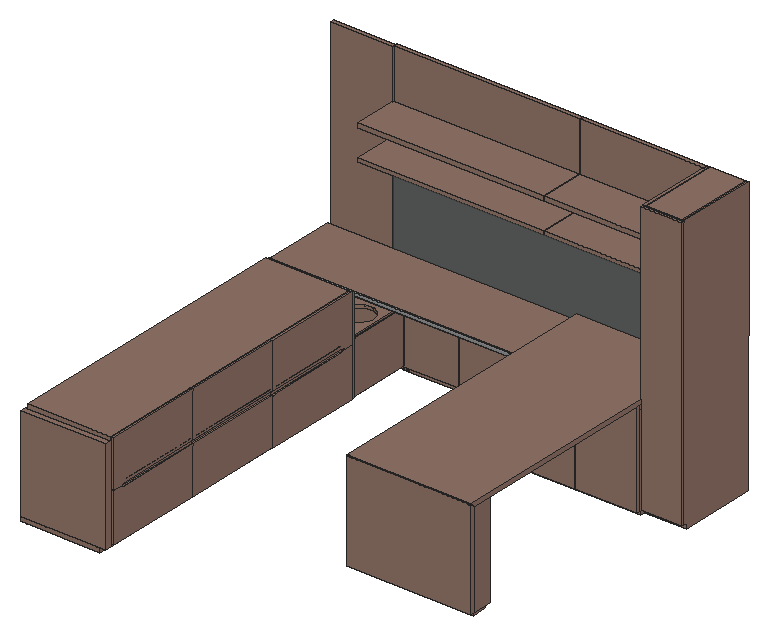
Revit family "T100042", category Furniture, Revit 2022 (continued)
Definition of nested family "OFS_Slate Private Office_Storage_Cabinet_Wardrobe"
  Definition of nested family "OFS_Slate Private Office_Storage_Cabinet_Wardrobe"
    Automatic sketch dimensions
      Revolve 4 sketch curve to Revolve 4 sketch curve = 0.13"
      Revolve 4 sketch curve to Revolve 4 sketch curve = 0.00"
      Revolve 4 sketch curve to level = 0.14265"
      Revolve 4 sketch curve to Revolve 4 sketch curve = 0.19756"
      plane 7 to Extrusion 5 sketch curve = 0.87456"  (x2)
      Extrusion 5 sketch curve to plane 11 = 0.87456"  (x2)
      Sweep 6 sketch curve to plane 24 = 0.00"
      Sweep 6 sketch curve to profile plane = 0.00"
      profile plane to Sweep 6 sketch curve = 0.75"
      Sweep 6 sketch curve to Sweep 6 sketch curve = 1.25"
      Extrusion 8 sketch curve to plane 4 = 0.06243"
      plane 3 "Center (Left/Right)" to Extrusion 8 sketch curve = 0.06243"
      Extrusion 11 sketch curve to plane 6 = 0.00"
      Extrusion 10 sketch curve to plane 9 = 0.00"
      Extrusion 10 sketch curve to plane 23 = 0.00"
      Extrusion 11 sketch curve to plane 14 = 0.00"
      plane 1 "Center (Front/Back)" to Extrusion 11 sketch curve = 0.00"
  Definition of nested family "Tag"
    Parameters
      P_Width = 0.00"
      Text_Width = "Empty"
      Text_Height = "Empty"
      Text_Diameter = "Empty"
      Text_Depth = "Empty"
      Offset (LR) [instance] = 0.00"
      Model Name = "Type Catalog"
      P_Height = 0.00"
      Distance of Center (not Change) = 0.10"
      P_Diameter = 0.00"
      P_Depth = 0.00"
    Reference planes (in)
      plane 1: y = 0
      plane 2: x = 0
    Lines and regions (in)
      reference lines
        curve 1: line (-0.44359, 0.1, 0) -> (0.41085, 0.1, 0)
        curve 3: line (0, 0.42564, 0) -> (0, -0.30221, 0)
      reference lines, not visible
        curve 2: line (-0.44359, 0.09843, 0) -> (0.41085, 0.09843, 0)
        curve 4: line (0, 0.42407, 0) -> (0, -0.30379, 0)
    Text (in)
      label "Empty" at (0.00197, 0.0921, 0), shows "Model Name"
      label "Empty" at (0.00197, 0.09052, 0), shows "Model Name", not visible
    Dimensions and locks (in)
      "Distance of Center (not Change)": plane 1 to curve 1
      "Offset (LR)": curve 3 to plane 2
    Automatic sketch dimensions
      curve 1 to curve 3 = 0.44359"
      curve 3 to curve 1 = 0.41085"
      curve 3 to curve 1 = 0.40221"
      curve 1 to curve 3 = 0.32564"
      curve 2 to curve 4 = 0.44359"
      curve 4 to curve 2 = 0.41085"
      curve 4 to curve 2 = 0.40221"
      curve 2 to curve 4 = 0.32564"
Definition of nested family "OFS SLATE STORAGE MODULAR CABINET TOPS - Wire Drop Back"
  Parameters (values of type "Workwall Modular Cabinet Top w Wire Drop on the Back 42W LG")
    Wire Drop Material = none
    Width = 42.00"
    URL = "http://www.ofs.com/"
    Height from Floor [instance] = 29.25"
    Height = 1.1875"
    Description = "OFS SLATE WORKWALL MODULAR CABINET TOP WITH WIRE DROP ON THE BACK, 42\" Width, Long Grain Direction"
    Model = "CA-B4221MCTB"
    Manufacturer = "CAROLINA"
    Depth = 21.3125"
    Default Elevation = 0.00"
    Copyright © = "© 2019 OFS"
    Catalog = "https://ofs.com/products/tables/conference/slate"
    Authoring Version = "Autodesk Revit Architecture 2014"
    Assembly Code = "E2020200"
    Top Cabinet [instance] = none
  Types (32): name | Width | Description | Model
    Workwall Modular Cabinet Top w Wire Drop on the Back 18W LG | 18.00" | "OFS SLATE WORKWALL MODULAR CABINET TOP WITH WIRE DROP ON THE BACK, 18\" Width, Long Grain Direction" | "CA-B1821MCTB"
    Workwall Modular Cabinet Top w Wire Drop on the Back 18W SG | 18.00" | "OFS SLATE WORKWALL MODULAR CABINET TOP WITH WIRE DROP ON THE BACK, 18\" Width, Short Grain Direction" | "CA-B2118MCTB"
    Workwall Modular Cabinet Top w Wire Drop on the Back 24W LG | 24.00" | "OFS SLATE WORKWALL MODULAR CABINET TOP WITH WIRE DROP ON THE BACK, 24\" Width, Long Grain Direction" | "CA-B2421MCTB"
    Workwall Modular Cabinet Top w Wire Drop on the Back 24W SG | 24.00" | "OFS SLATE WORKWALL MODULAR CABINET TOP WITH WIRE DROP ON THE BACK, 24\" Width, Short Grain Direction" | "CA-B2124MCTB"
    Workwall Modular Cabinet Top w Wire Drop on the Back 30W LG | 30.00" | "OFS SLATE WORKWALL MODULAR CABINET TOP WITH WIRE DROP ON THE BACK, 30\" Width, Long Grain Direction" | "CA-B3021MCTB"
    Workwall Modular Cabinet Top w Wire Drop on the Back 30W SG | 30.00" | "OFS SLATE WORKWALL MODULAR CABINET TOP WITH WIRE DROP ON THE BACK, 30\" Width, Short Grain Direction" | "CA-B2130MCTB"
    Workwall Modular Cabinet Top w Wire Drop on the Back 36W SG | 36.00" | "OFS SLATE WORKWALL MODULAR CABINET TOP WITH WIRE DROP ON THE BACK, 36\" Width, Short Grain Direction" | "CA-B2136MCTB"
    Workwall Modular Cabinet Top w Wire Drop on the Back 36W LG | 36.00" | "OFS SLATE WORKWALL MODULAR CABINET TOP WITH WIRE DROP ON THE BACK, 36\" Width, Long Grain Direction" | "CA-B3621MCTB"
    Workwall Modular Cabinet Top w Wire Drop on the Back 42W LG | 42.00" | "OFS SLATE WORKWALL MODULAR CABINET TOP WITH WIRE DROP ON THE BACK, 42\" Width, Long Grain Direction" | "CA-B4221MCTB"
    Workwall Modular Cabinet Top w Wire Drop on the Back 42W SG | 42.00" | "OFS SLATE WORKWALL MODULAR CABINET TOP WITH WIRE DROP ON THE BACK, 42\" Width, Short Grain Direction" | "CA-B2142MCTB"
    Workwall Modular Cabinet Top w Wire Drop on the Back 48W SG | 48.00" | "OFS SLATE WORKWALL MODULAR CABINET TOP WITH WIRE DROP ON THE BACK, 48\" Width, Short Grain Direction" | "CA-B2148MCTB"
    Workwall Modular Cabinet Top w Wire Drop on the Back 48W LG | 48.00" | "OFS SLATE WORKWALL MODULAR CABINET TOP WITH WIRE DROP ON THE BACK, 48\" Width, Long Grain Direction" | "CA-B4821MCTB"
    Workwall Modular Cabinet Top w Wire Drop on the Back 54W LG | 54.00" | "OFS SLATE WORKWALL MODULAR CABINET TOP WITH WIRE DROP ON THE BACK, 54\" Width, Long Grain Direction" | "CA-B5421MCTB"
    Workwall Modular Cabinet Top w Wire Drop on the Back 54W SG | 54.00" | "OFS SLATE WORKWALL MODULAR CABINET TOP WITH WIRE DROP ON THE BACK, 54\" Width, Short Grain Direction" | "CA-B2154MCTB"
    Workwall Modular Cabinet Top w Wire Drop on the Back 60W SG | 60.00" | "OFS SLATE WORKWALL MODULAR CABINET TOP WITH WIRE DROP ON THE BACK, 60\" Width, Short Grain Direction" | "CA-B2160MCTB"
    Workwall Modular Cabinet Top w Wire Drop on the Back 60W LG | 60.00" | "OFS SLATE WORKWALL MODULAR CABINET TOP WITH WIRE DROP ON THE BACK, 60\" Width, Long Grain Direction" | "CA-B6021MCTB"
    Workwall Modular Cabinet Top w Wire Drop on the Back 66W LG | 66.00" | "OFS SLATE WORKWALL MODULAR CABINET TOP WITH WIRE DROP ON THE BACK, 66\" Width, Long Grain Direction" | "CA-B6621MCTB"
    Workwall Modular Cabinet Top w Wire Drop on the Back 66W SG | 66.00" | "OFS SLATE WORKWALL MODULAR CABINET TOP WITH WIRE DROP ON THE BACK, 66\" Width, Short Grain Direction" | "CA-B2166MCTB"
    Workwall Modular Cabinet Top w Wire Drop on the Back 72W SG | 72.00" | "OFS SLATE WORKWALL MODULAR CABINET TOP WITH WIRE DROP ON THE BACK, 72\" Width, Short Grain Direction" | "CA-B2172MCTB"
    Workwall Modular Cabinet Top w Wire Drop on the Back 72W LG | 72.00" | "OFS SLATE WORKWALL MODULAR CABINET TOP WITH WIRE DROP ON THE BACK, 72\" Width, Long Grain Direction" | "CA-B7221MCTB"
    Workwall Modular Cabinet Top w Wire Drop on the Back 78W LG | 78.00" | "OFS SLATE WORKWALL MODULAR CABINET TOP WITH WIRE DROP ON THE BACK, 78\" Width, Long Grain Direction" | "CA-B7821MCTB"
    Workwall Modular Cabinet Top w Wire Drop on the Back 78W SG | 78.00" | "OFS SLATE WORKWALL MODULAR CABINET TOP WITH WIRE DROP ON THE BACK, 78\" Width, Short Grain Direction" | "CA-B2178MCTB"
    Workwall Modular Cabinet Top w Wire Drop on the Back 84W SG | 84.00" | "OFS SLATE WORKWALL MODULAR CABINET TOP WITH WIRE DROP ON THE BACK, 84\" Width, Short Grain Direction" | "CA-B2184MCTB"
    Workwall Modular Cabinet Top w Wire Drop on the Back 84W LG | 84.00" | "OFS SLATE WORKWALL MODULAR CABINET TOP WITH WIRE DROP ON THE BACK, 84\" Width, Long Grain Direction" | "CA-B8421MCTB"
    Workwall Modular Cabinet Top w Wire Drop on the Back 90W LG | 90.00" | "OFS SLATE WORKWALL MODULAR CABINET TOP WITH WIRE DROP ON THE BACK, 90\" Width, Long Grain Direction" | "CA-B9021MCTB"
    Workwall Modular Cabinet Top w Wire Drop on the Back 90W SG | 90.00" | "OFS SLATE WORKWALL MODULAR CABINET TOP WITH WIRE DROP ON THE BACK, 90\" Width, Short Grain Direction" | "CA-B2190MCTB"
    Workwall Modular Cabinet Top w Wire Drop on the Back 96W SG | 96.00" | "OFS SLATE WORKWALL MODULAR CABINET TOP WITH WIRE DROP ON THE BACK, 96\" Width, Short Grain Direction" | "CA-B2196MCTB"
    Workwall Modular Cabinet Top w Wire Drop on the Back 96W LG | 96.00" | "OFS SLATE WORKWALL MODULAR CABINET TOP WITH WIRE DROP ON THE BACK, 96\" Width, Long Grain Direction" | "CA-B9621MCTB"
    Workwall Modular Cabinet Top w Wire Drop on the Back 102W SG | 102.00" | "OFS SLATE WORKWALL MODULAR CABINET TOP WITH WIRE DROP ON THE BACK, 102\" Width, Short Grain Direction" | "CA-B21102MCTB"
    Workwall Modular Cabinet Top w Wire Drop on the Back 102W LG | 102.00" | "OFS SLATE WORKWALL MODULAR CABINET TOP WITH WIRE DROP ON THE BACK, 102\" Width, Long Grain Direction" | "CA-B10221MCTB"
    Workwall Modular Cabinet Top w Wire Drop on the Back 108W LG | 108.00" | "OFS SLATE WORKWALL MODULAR CABINET TOP WITH WIRE DROP ON THE BACK, 108\" Width, Long Grain Direction" | "CA-B10821MCTB"
    Workwall Modular Cabinet Top w Wire Drop on the Back 108W SG | 108.00" | "OFS SLATE WORKWALL MODULAR CABINET TOP WITH WIRE DROP ON THE BACK, 108\" Width, Short Grain Direction" | "CA-B21108MCTB"
  Reference planes (in)
    plane 1 "Center (Front/Back)": y = 0
    plane 2: z = 0
    plane 3 "Center (Left/Right)": x = 27
    plane 4 "rrr": through (-2.45771, -5.50063, 16.56517) normal (0.0223, 0.0194, 0.9996)
    plane 5: x = 69
    plane 6: y = -21.3125
    plane 7: z = 29.25
    plane 8: z = 28.0625
    plane 9: x = 48
  Forms (in)
    Extrusion 1, solid, material <- "Top Cabinet"
      sketch origin (27, 0, 0) x (0, 1, 0) y (0, 0, 1)
        loop
          line (0, 29.25) -> (-21.3125, 29.25) -> (-21.3125, 28.0625) -> (0, 28.0625) -> (0, 29.25)
      from 0 to 42
    Extrusion 2, solid, material <- "Wire Drop Material"
      sketch origin (27, 0, 0) x (0, 1, 0) y (0, 0, 1)
        loop
          line (0, 28.3644) -> (0, 28.23141)
          arc (0, 28.23141) -> (0.09162, 28.73666) -> (0.10437, 29.25) r 3.32546
          arc (0.10437, 29.25) -> (-0.01589, 29.36411) -> (-0.13615, 29.25) r 0.12042
          line (-0.13615, 29.25) -> (-0.10484, 29.25)
          arc (-0.10484, 29.25) -> (-0.01507, 29.33285) -> (0.07316, 29.24836) r 0.08917
          arc (0.07316, 29.24836) -> (0.06647, 28.80391) -> (0, 28.3644) r 3.29421
      from 0 to 42
  Lines and regions (in)
    Masking region 1
      outline origin (0, 0, 0) x (1, 0, 0) y (0, 1, 0)
        loop
          line (27, 0) -> (27, -21.3125) -> (69, -21.3125) -> (69, 0) -> (27, 0)
  Dimensions and locks (in)
    "Width": plane 3 "Center (Left/Right)" to plane 5
    equal spacing: plane 3 "Center (Left/Right)", plane 9, plane 5
    "Depth": plane 6 to plane 1 "Center (Front/Back)"
    "Height from Floor": plane 7 to level
    "Height": plane 7 to plane 8
    aligned and locked: level to plane 2
    aligned and locked: plane 7 to Extrusion 1 sketch curve
    aligned and locked: Extrusion 1 sketch curve to plane 6
    aligned and locked: plane 1 "Center (Front/Back)" to Extrusion 1 sketch curve
    aligned and locked: Extrusion 1 sketch curve to plane 8
    aligned and locked: Extrusion 1 to plane 3 "Center (Left/Right)"
    aligned and locked: Extrusion 1 to plane 5
    aligned and locked: plane 5 to Masking region 1 sketch curve
    aligned and locked: plane 1 "Center (Front/Back)" to Masking region 1 sketch curve
    aligned and locked: Masking region 1 sketch curve to plane 6
    aligned and locked: plane 3 "Center (Left/Right)" to Masking region 1 sketch curve
    aligned and locked: plane 1 "Center (Front/Back)" to Extrusion 2 sketch curve
    aligned and locked: Extrusion 2 to plane 3 "Center (Left/Right)"
    aligned and locked: Extrusion 2 to plane 5
  Automatic sketch dimensions
    Extrusion 2 sketch curve to Extrusion 2 sketch curve = 0.00"  (x5)
    plane 7 to Extrusion 2 sketch curve = 0.00"  (x3)
    plane 7 to Extrusion 2 sketch curve = 0.00631"
    plane 1 "Center (Front/Back)" to Extrusion 2 sketch curve = 0.01589"
    plane 7 to Extrusion 2 sketch curve = 0.17437"
    Extrusion 2 sketch curve to Extrusion 2 sketch curve = 0.03131"
    plane 7 to Extrusion 2 sketch curve = 0.00164"
Definition of nested family "OFS SLATE OVERLAY HEIGHT ADJUSTABLE WORKTABLES Right - Workwall"
  Parameters (values of type "WORKWALL OVERLAY HEIGHT ADJUSTABLE WORKTABLE 60W x 30D Right")
    Width = 61.00"
    URL = "http://www.ofs.com/"
    Top Board Thickness = 1.1875"
    Support Board Width = 24.00"
    Right Sided Support Width = 24.75"
    Model = "CA-AB6030WCHAR-2"
    Middle Board Offset From Back = 11.1875"
    Manufacturer = "CAROLINA"
    Left Sided Support Width = 5.75"
    Height From Floor = 0.4375"
    Height = 30.50"
    Glides [instance] = none
    Gap2 = 0.0625"
    Gap1 = 0.125"
    Front Panel Finish [instance] = none
    Drawer Height 1 = 15.375"
    Description = "OFS SLATE WORKWALL OVERLAY HEIGHT ADJUSTABLE WORKTABLE WITH ACCESS CABINET, 60 Width x 30 Depth, Right User Side, Overlay Height Mitered Top and End Panel"
    Depth = 30.00"
    Default Elevation = 0.00"
    Copyright © = "©OFS 2019"
    Catalog = "https://ofs.com/products/tables/conference/slate"
    Chasis [instance] = none
    Bottom Board Thickness = 1.25"
    Board Thickness = 0.75"
    Base Offset from front = 1.625"
    Back Board Thickness = 0.00"
    Authoring Version = "Autodesk Revit Architecture 2014"
    Assembly Code = "E2020200"
  Types (7): name | Width | Model | Description | Depth
    (no name) | 61.00" | "CA-AB6030WCHAR-2" | "OFS SLATE WORKWALL OVERLAY HEIGHT ADJUSTABLE WORKTABLE WITH ACCESS CABINET, 60 Width x 30 Depth, Right User Side, Overlay Height Mitered Top and End Panel" | 30.00"
    WORKWALL OVERLAY HEIGHT ADJUSTABLE WORKTABLE 84W x 36D Right | 85.00" | "CA-AB8436WCHAR-2" | "OFS SLATE WORKWALL OVERLAY HEIGHT ADJUSTABLE WORKTABLE WITH ACCESS CABINET, 84 Width x 36 Depth, Right User Side, Overlay Height Mitered Top and End Panel" | 36.00"
    WORKWALL OVERLAY HEIGHT ADJUSTABLE WORKTABLE 78W x 36D Right | 79.00" | "CA-AB7836WCHAR-2" | "OFS SLATE WORKWALL OVERLAY HEIGHT ADJUSTABLE WORKTABLE WITH ACCESS CABINET, 78 Width x 36 Depth, Right User Side, Overlay Height Mitered Top and End Panel" | 36.00"
    WORKWALL OVERLAY HEIGHT ADJUSTABLE WORKTABLE 72W x 36D Right | 73.00" | "CA-AB7236WCHAR-2" | "OFS SLATE WORKWALL OVERLAY HEIGHT ADJUSTABLE WORKTABLE WITH ACCESS CABINET, 72 Width x 36 Depth, Right User Side, Overlay Height Mitered Top and End Panel" | 36.00"
    WORKWALL OVERLAY HEIGHT ADJUSTABLE WORKTABLE 72W x 30D Right | 73.00" | "CA-AB7230WCHAR-2" | "OFS SLATE WORKWALL OVERLAY HEIGHT ADJUSTABLE WORKTABLE WITH ACCESS CABINET, 72 Width x 30 Depth, Right User Side, Overlay Height Mitered Top and End Panel" | 30.00"
    WORKWALL OVERLAY HEIGHT ADJUSTABLE WORKTABLE 66W x 30D Right | 67.00" | "CA-AB6630WCHAR-2" | "OFS SLATE WORKWALL OVERLAY HEIGHT ADJUSTABLE WORKTABLE WITH ACCESS CABINET, 66 Width x 30 Depth, Right User Side, Overlay Height Mitered Top and End Panel" | 30.00"
    WORKWALL OVERLAY HEIGHT ADJUSTABLE WORKTABLE 60W x 30D Right | 61.00" | "CA-AB6030WCHAR-2" | "OFS SLATE WORKWALL OVERLAY HEIGHT ADJUSTABLE WORKTABLE WITH ACCESS CABINET, 60 Width x 30 Depth, Right User Side, Overlay Height Mitered Top and End Panel" | 30.00"
  Reference planes (in)
    plane 1 "Center Front/Back": y = -3
    plane 2 "Bottom": z = 0
    plane 3 "Center Left/Right": x = 0
    plane 4 "Back": y = 12
    plane 5 "Front": y = -18
    plane 6 "Left": x = -30.5
    plane 7 "Right": x = 30.5
    plane 8: z = 30.5
    plane 9: z = 0.4375
    plane 10: z = 1.6875
    plane 11: z = 29.3125
    plane 12: y = 12
    plane 13: y = -17.25
    plane 14: y = 11.25
    plane 15: z = 28.125
    plane 16: y = -16.375
    plane 17: y = -15.625
    plane 18: y = 0.5
    plane 19: y = 0.375
    plane 20: z = 27.125
    plane 21: z = 24.75
    plane 22: y = 0.8125
    plane 23: y = 0.0625
    plane 24: z = 15.375
    plane 25: z = 15.4375
    plane 26: y = -14.125
    plane 27: y = 9.75
    plane 28: y = -17.5
    plane 29: x = 29.3125
    plane 30: x = -29.75
    plane 31: x = -6.5
    plane 32: x = -5.75
    plane 33: x = 28.5625
    plane 34: x = 23.5625
    plane 35: x = 24.3125
    plane 36: x = -6.5
    plane 37: x = 27.0625
    plane 38: x = 25.8125
    plane 39: x = -25.375
    plane 40: x = -24.625
    plane 41: x = -7.25
    plane 42: y = -2.9375
    plane 43: y = -3.0625
    plane 44: z = 29.3125
    plane 45: z = 28.125
    plane 46: x = -21.75
    plane 47: x = -21
    plane 48: x = -10.5
    plane 49: x = -9.75
    plane 50: y = 8.875
    plane 51: y = 8.875
    plane 52: y = 8.125
    plane 53: x = -29
  Forms (in)
    Extrusion 1, solid, material <- "Chasis"
      sketch origin (0, -6, 0) x (-1, 0, 0) y (0, 0, -1)
        loop
          line (29, -30.5) -> (29, -29.3125) -> (-29.3125, -29.3125) -> (-30.39331, -30.39331)
          arc (-30.39331, -30.39331) -> (-30.40685, -30.46142) -> (-30.34911, -30.5) r 0.0625
          line (-30.34911, -30.5) -> (29, -30.5)
      from -18 to 12
    Extrusion 2, solid, material <- "Chasis"
      sketch origin (5.5, -6, -5.5) x (0, 0, -1) y (1, 0, 0)
        loop
          line (-7.1875, 25) -> (-35.84911, 25)
          arc (-35.84911, 25) -> (-35.90685, 24.96142) -> (-35.89331, 24.89331) r 0.0625
          line (-35.89331, 24.89331) -> (-34.8125, 23.8125) -> (-7.1875, 23.8125) -> (-7.1875, 25)
      from -18 to 12
    Extrusion 3, solid, material <- "Chasis"
      sketch origin (0, 0, 0) x (0, 1, 0) y (0, 0, -1)
        loop
          line (11.25, -29.3125) -> (11.25, -1.6875) -> (-17.25, -1.6875) -> (-17.25, -29.3125) -> (11.25, -29.3125)
      from -29.3125 to -28.5625
    Extrusion 4, solid, material <- "Chasis"
      sketch origin (43.62893, 0, 0) x (0, 1, 0) y (0, 0, 1)
        loop
          line (11.25, 29.3125) -> (-17.25, 29.3125) -> (-17.25, 1.6875) -> (11.25, 1.6875) -> (11.25, 29.3125)
      from -20.06643 to -19.31643
    Extrusion 5, solid, material <- "Chasis"
      sketch origin (0, 0, 0) x (-1, 0, 0) y (0, -1, 0)
        loop
          line (-29.3125, -12) -> (-23.5625, -12) -> (-23.5625, -11.25) -> (-29.3125, -11.25) -> (-29.3125, -12)
      from 1.6875 to 29.3125
    Extrusion 6, solid, material <- "Chasis"
      sketch origin (0, 0, 0) x (-1, 0, 0) y (0, -1, 0)
        loop
          line (-28.5625, -11.25) -> (-24.3125, -11.25) -> (-24.3125, 17.25) -> (-28.5625, 17.25) -> (-28.5625, -11.25)
      from 0.4375 to 1.6875
    Extrusion 7, solid, material <- "Chasis"
      sketch origin (0, 0, 0) x (-1, 0, 0) y (0, -1, 0)
        loop
          line (5.75, -12) -> (6.5, -12) -> (6.5, 2.9375) -> (5.75, 2.9375) -> (5.75, -12)
        loop
          line (5.75, 3.0625) -> (6.5, 3.0625) -> (6.5, 18) -> (5.75, 18) -> (5.75, 3.0625)
      from 1.6875 to 29.3125
    Extrusion 8, solid, material <- "Chasis"
      sketch origin (0, 0, 0) x (-1, 0, 0) y (0, -1, 0)
        loop
          line (29.75, -11.25) -> (30.5, -11.25) -> (30.5, 17.25) -> (29.75, 17.25) -> (29.75, -11.25)
      from 24.75 to 28.125
    Extrusion 9, solid, material <- "Chasis"
      sketch origin (0, 0, 0) x (-1, 0, 0) y (0, -1, 0)
        loop
          line (6.5, -12) -> (29, -12) -> (29, 18) -> (6.5, 18) -> (6.5, -12)
      from 28.125 to 29.3125
    Extrusion 10, solid, material <- "Chasis"
      sketch origin (0, 0, 0) x (-1, 0, 0) y (0, -1, 0)
        loop
          line (6.5, -12) -> (30.5, -12) -> (30.5, -11.25) -> (6.5, -11.25) -> (6.5, -12)
        loop
          line (6.5, 17.25) -> (30.5, 17.25) -> (30.5, 18) -> (6.5, 18) -> (6.5, 17.25)
        loop
          line (6.5, -0.8125) -> (24.625, -0.8125) -> (24.625, -0.0625) -> (6.5, -0.0625) -> (6.5, -0.8125)
      from 1.6875 to 28.125
    Extrusion 11, solid, material <- "Chasis"
      sketch origin (0, 0, 0) x (-1, 0, 0) y (0, -1, 0)
        loop
          line (7.25, -12) -> (30.5, -12) -> (30.5, 18) -> (7.25, 18) -> (7.25, -12)
      from 0.4375 to 1.6875
    Revolve 12, solid, material <- "Glides"
      sketch origin (-66.8756, -14.85266, 0) x (1, 0, 0) y (0, 0, 1)
        loop
          line (92.70505, 0.45) -> (92.70505, 0.25244) -> (92.66637, 0.25244)
          arc (92.66637, 0.25244) -> (92.58532, 0.12622) -> (92.66637, 0) r 0.1388
          line (92.66637, 0) -> (92.95505, 0) -> (92.95505, 0.45) -> (92.70505, 0.45)
        axis (92.95505, 0) -> (92.95505, 0.45)
      angle from 0 to 360
    Revolve 13, solid, material <- "Glides"
      sketch origin (-66.8756, 9.33484, 0) x (1, 0, 0) y (0, 0, 1)
        loop
          line (92.70505, 0.45) -> (92.70505, 0.25244) -> (92.66637, 0.25244)
          arc (92.66637, 0.25244) -> (92.58532, 0.12622) -> (92.66637, 0) r 0.1388
          line (92.66637, 0) -> (92.95505, 0) -> (92.95505, 0.45) -> (92.70505, 0.45)
        axis (92.95505, 0) -> (92.95505, 0.45)
      angle from 0 to 360
    Revolve 14, solid, material <- "Glides"
      sketch origin (66.9381, -15.625, 0) x (-1, 0, 0) y (0, 0, -1)
        loop
          line (75.45505, -0.45) -> (75.70505, -0.45) -> (75.70505, 0) -> (75.41637, 0)
          arc (75.41637, 0) -> (75.33532, -0.12622) -> (75.41637, -0.25244) r 0.1388
          line (75.41637, -0.25244) -> (75.45505, -0.25244) -> (75.45505, -0.45)
        axis (75.70505, 0) -> (75.70505, -0.45)
      angle from 0 to 360
    Revolve 15, solid, material <- "Glides"
      sketch origin (66.9381, 8.625, 0) x (-1, 0, 0) y (0, 0, -1)
        loop
          line (75.45505, -0.45) -> (75.70505, -0.45) -> (75.70505, 0) -> (75.41637, 0)
          arc (75.41637, 0) -> (75.33532, -0.12622) -> (75.41637, -0.25244) r 0.1388
          line (75.41637, -0.25244) -> (75.45505, -0.25244) -> (75.45505, -0.45)
        axis (75.70505, 0) -> (75.70505, -0.45)
      angle from 0 to 360
    Extrusion 16, solid, material <- "Chasis"
      sketch origin (-7.25766, 0, -29.10887) x (-1, 0, 0) y (0, -1, 0)
        loop
          line (-36.57016, 17.25) -> (-30.82016, 17.25) -> (-30.82016, 18) -> (-36.57016, 18) -> (-36.57016, 17.25)
      from 30.79637 to 58.42137
    Extrusion 17, solid, material <- "Chasis"
      sketch origin (5.125, 0, 0) x (-1, 0, 0) y (0, -1, 0)
        loop
          line (29.75, -11.25) -> (30.5, -11.25) -> (30.5, 17.25) -> (29.75, 17.25) -> (29.75, -11.25)
      from 1.6875 to 28.125
    Extrusion 18, solid, material <- "Chasis"
      sketch origin (0, 0, 0) x (-1, 0, 0) y (0, -1, 0)
        loop
          line (29.75, -11.25) -> (30.5, -11.25) -> (30.5, 17.25) -> (29.75, 17.25) -> (29.75, -11.25)
      from 1.6875 to 4.44922
  Cuts and joins
    joined: Extrusion 3, Extrusion 4, Extrusion 6
    joined: Extrusion 10, Extrusion 11
  Dimensions and locks (in)
    equal spacing: plane 5 "Front", plane 1 "Center Front/Back", plane 4 "Back"
    "Depth": plane 4 "Back" to plane 5 "Front"
    "Board Thickness": plane 13 to plane 5 "Front"
    "Back Board Thickness": plane 12 to plane 4 "Back"
    "Board Thickness": plane 14 to plane 12
    "Top Board Thickness": plane 8 to plane 11
    "Top Board Thickness": plane 11 to plane 15
    "Bottom Board Thickness": plane 10 to plane 9
    "Height From Floor": plane 9 to plane 2 "Bottom"
    "Height": plane 8 to level
    "Base Offset from front": plane 16 to plane 5 "Front"
    "Board Thickness": plane 17 to plane 16
    "Gap1": plane 18 to plane 19
    plane 15 to plane 20 = 1.00"
    locked: plane 20 to plane 21 at 2.375
    "Board Thickness": plane 23 to plane 22
    "Gap2": plane 25 to plane 24
    "Drawer Height 1": plane 24 to level
    locked: plane 26 to plane 17 at 1.5
    locked: plane 27 to plane 14 at 1.5
    equal spacing: plane 7 "Right", plane 3 "Center Left/Right", plane 6 "Left"
    "Width": plane 7 "Right" to plane 6 "Left"
    "Top Board Thickness": plane 7 "Right" to plane 29
    "Board Thickness": plane 30 to plane 6 "Left"
    "Right Sided Support Width": plane 32 to plane 6 "Left"
    "Board Thickness": plane 32 to plane 31
    "Board Thickness": plane 29 to plane 33
    "Left Sided Support Width": plane 29 to plane 34
    "Board Thickness": plane 35 to plane 34
    "Support Board Width": plane 36 to plane 6 "Left"
    locked: plane 33 to plane 37 at 1.5
    locked: plane 38 to plane 35 at 1.5
    locked: plane 28 to plane 5 "Front" at 0.5
    "Middle Board Offset From Back": plane 22 to plane 12
    locked: plane 18 to plane 22 at 0.3125
    "Board Thickness": plane 40 to plane 39
    locked: plane 30 to plane 39 at 4.375
    locked: plane 41 to plane 31 at 0.75
    equal spacing: plane 42, plane 1 "Center Front/Back", plane 43
    "Gap1": plane 42 to plane 43
    "Top Board Thickness": plane 44 to plane 45
    plane 44 to level = 29.3125"
    "Board Thickness": plane 47 to plane 46
    "Board Thickness": plane 49 to plane 48
    locked: plane 46 to plane 49 at 12
    locked: plane 6 "Left" to plane 46 at 8.75
    "Board Thickness": plane 52 to plane 51
    plane 52 to plane 12 = 3.875"
    locked: plane 53 to plane 6 "Left" at 1.5
    aligned and locked: level to plane 2 "Bottom"
    aligned and locked: plane 29 to Extrusion 2 sketch curve
    aligned and locked: plane 5 "Front" to Extrusion 2
    aligned and locked: plane 5 "Front" to Extrusion 1
    aligned and locked: plane 29 to Extrusion 3
    aligned and locked: Extrusion 3 to plane 33
    aligned and locked: plane 35 to Extrusion 4
    aligned and locked: Extrusion 4 to plane 34
    aligned and locked: Extrusion 7 sketch curve to plane 5 "Front"
    aligned and locked: plane 31 to Extrusion 7 sketch curve  (x2)
    aligned and locked: Extrusion 7 sketch curve to plane 32  (x2)
    aligned and locked: Extrusion 8 sketch curve to plane 30
    aligned and locked: Extrusion 9 sketch curve to plane 5 "Front"
    aligned and locked: Extrusion 9 to plane 36
    aligned and locked: Extrusion 10 sketch curve to plane 31  (x3)
    aligned and locked: Extrusion 10 sketch curve to plane 5 "Front"
    aligned and locked: Extrusion 11 sketch curve to plane 5 "Front"
    aligned and locked: Extrusion 16 to plane 34
    aligned and locked: plane 29 to Extrusion 16
    aligned and locked: Extrusion 10 to plane 10
    aligned and locked: Extrusion 7 to plane 10
    aligned and locked: plane 11 to Extrusion 16
    aligned and locked: Extrusion 1 to plane 12
    aligned and locked: Extrusion 2 to plane 12
    aligned and locked: plane 34 to Extrusion 5
    aligned and locked: Extrusion 5 to plane 29
    aligned and locked: cut or joined group of Extrusion 3, Extrusion 4, Extrusion 6 to plane 14  (x3)
    aligned and locked: Extrusion 5 to plane 10
    aligned and locked: cut or joined group of Extrusion 3, Extrusion 4, Extrusion 6 to plane 13
    aligned and locked: plane 35 to cut or joined group of Extrusion 3, Extrusion 4, Extrusion 6
    aligned and locked: cut or joined group of Extrusion 3, Extrusion 4, Extrusion 6 to plane 33
    aligned and locked: Extrusion 9 to Extrusion 1
    aligned and locked: plane 41 to Extrusion 11
    aligned and locked: plane 43 to Extrusion 7 sketch curve
    aligned and locked: plane 42 to Extrusion 7 sketch curve
    aligned and locked: Extrusion 9 to plane 45
    aligned and locked: plane 44 to Extrusion 9
    aligned and locked: plane 45 to cut or joined group of Extrusion 10, Extrusion 11
    aligned and locked: plane 45 to Extrusion 17
    aligned and locked: Extrusion 7 to Extrusion 9
    aligned and locked: Extrusion 1 to plane 53
    aligned and locked: Extrusion 9 to plane 53
  Automatic sketch dimensions
    Extrusion 1 sketch curve to plane 8 = 0.00"
    Extrusion 1 sketch curve to plane 11 = 0.00"
    plane 29 to Extrusion 1 sketch curve = 0.00"
    plane 6 "Left" to Extrusion 1 sketch curve = 1.50"
    plane 7 "Right" to Extrusion 1 sketch curve = 0.15089"
    Extrusion 1 sketch curve to Extrusion 1 sketch curve = 0.04419"
    Extrusion 1 sketch curve to plane 8 = 0.0625"
    plane 7 "Right" to Extrusion 2 sketch curve = 0.00"
    Extrusion 2 sketch curve to plane 11 = 0.00"
    Extrusion 2 sketch curve to plane 10 = 0.00"
    Extrusion 2 sketch curve to plane 8 = 0.15089"
    Extrusion 2 sketch curve to Extrusion 2 sketch curve = 0.04419"
    plane 7 "Right" to Extrusion 2 sketch curve = 0.10669"
    Extrusion 3 sketch curve to plane 11 = 0.00"
    Extrusion 3 sketch curve to plane 13 = 0.00"
    Extrusion 3 sketch curve to plane 14 = 0.00"
    Extrusion 3 sketch curve to plane 10 = 0.00"
    Extrusion 4 sketch curve to plane 11 = 0.00"
    Extrusion 4 sketch curve to plane 13 = 0.00"
    Extrusion 4 sketch curve to plane 14 = 0.00"
    Extrusion 4 sketch curve to plane 10 = 0.00"
    plane 14 to Extrusion 5 sketch curve = 0.00"
    Extrusion 5 sketch curve to plane 29 = 0.00"
    Extrusion 5 sketch curve to plane 34 = 0.00"
    plane 4 "Back" to Extrusion 5 sketch curve = 0.00"
    Extrusion 6 sketch curve to plane 13 = 0.00"
    Extrusion 6 sketch curve to plane 33 = 0.00"
    Extrusion 6 sketch curve to plane 35 = 0.00"
    plane 14 to Extrusion 6 sketch curve = 0.00"
    plane 4 "Back" to Extrusion 7 sketch curve = 0.00"
    Extrusion 8 sketch curve to plane 6 "Left" = 0.00"
    plane 14 to Extrusion 8 sketch curve = 0.00"
    Extrusion 8 sketch curve to plane 13 = 0.00"
    Extrusion 9 sketch curve to plane 31 = 0.00"
    plane 6 "Left" to Extrusion 9 sketch curve = 1.50"
    plane 4 "Back" to Extrusion 9 sketch curve = 0.00"
    plane 22 to Extrusion 10 sketch curve = 0.00"
    Extrusion 10 sketch curve to plane 40 = 0.00"
    Extrusion 10 sketch curve to plane 6 "Left" = 0.00"  (x2)
    plane 4 "Back" to Extrusion 10 sketch curve = 0.00"
    plane 14 to Extrusion 10 sketch curve = 0.00"
    Extrusion 10 sketch curve to plane 23 = 0.00"
    Extrusion 10 sketch curve to plane 13 = 0.00"
    Extrusion 11 sketch curve to plane 41 = 0.00"
    Extrusion 11 sketch curve to plane 6 "Left" = 0.00"
    plane 4 "Back" to Extrusion 11 sketch curve = 0.00"
    Revolve 12 sketch curve to level = 0.00"
    Revolve 12 sketch curve to plane 38 = 0.02173"  (x2)
    plane 38 to Revolve 12 sketch curve = 0.01695"
    plane 38 to Revolve 12 sketch curve = 0.03602"
    plane 9 to Revolve 12 sketch curve = 0.0125"
    Revolve 12 sketch curve to Revolve 12 sketch curve = 0.25"
    level to Revolve 12 sketch curve = 0.12622"
    plane 38 to Revolve 12 sketch curve = 0.26694"
    Revolve 12 sketch curve to Revolve 12 sketch curve = 0.00"
    Revolve 12 sketch curve to Revolve 12 sketch curve = 0.29253"
    Revolve 13 sketch curve to level = 0.00"
    Revolve 13 sketch curve to plane 38 = 0.02173"  (x2)
    plane 38 to Revolve 13 sketch curve = 0.01695"
    plane 38 to Revolve 13 sketch curve = 0.03602"
    plane 9 to Revolve 13 sketch curve = 0.0125"
    Revolve 13 sketch curve to Revolve 13 sketch curve = 0.25"
    level to Revolve 13 sketch curve = 0.12622"
    plane 38 to Revolve 13 sketch curve = 0.26694"
    Revolve 13 sketch curve to Revolve 13 sketch curve = 0.00"
    Revolve 13 sketch curve to Revolve 13 sketch curve = 0.29253"
    Revolve 14 sketch curve to level = 0.00"
    Revolve 14 sketch curve to plane 9 = 0.18506"
    Revolve 14 sketch curve to plane 41 = 1.22827"
    Revolve 14 sketch curve to Revolve 14 sketch curve = 0.00"  (x3)
    Revolve 14 sketch curve to Revolve 14 sketch curve = 0.03868"
    Revolve 14 sketch curve to Revolve 14 sketch curve = 0.01907"
    plane 9 to Revolve 14 sketch curve = 0.0125"
    Revolve 14 sketch curve to Revolve 14 sketch curve = 0.25"
    Revolve 14 sketch curve to Revolve 14 sketch curve = 0.29253"
    Revolve 15 sketch curve to level = 0.00"
    Revolve 15 sketch curve to plane 9 = 0.18506"
    Revolve 15 sketch curve to plane 41 = 1.22827"
    Revolve 15 sketch curve to Revolve 15 sketch curve = 0.00"  (x3)
    Revolve 15 sketch curve to Revolve 15 sketch curve = 0.03868"
    Revolve 15 sketch curve to Revolve 15 sketch curve = 0.01907"
    plane 9 to Revolve 15 sketch curve = 0.0125"
    Revolve 15 sketch curve to Revolve 15 sketch curve = 0.25"
    Revolve 15 sketch curve to Revolve 15 sketch curve = 0.29253"
    Extrusion 16 sketch curve to plane 5 "Front" = 0.00"
    Extrusion 16 sketch curve to plane 29 = 0.00"
    Extrusion 16 sketch curve to plane 34 = 0.00"
    Extrusion 16 sketch curve to plane 13 = 0.00"
    Extrusion 17 sketch curve to plane 13 = 0.00"
    Extrusion 17 sketch curve to plane 40 = 0.00"
    Extrusion 17 sketch curve to plane 39 = 0.00"
    plane 14 to Extrusion 17 sketch curve = 0.00"
    Extrusion 18 sketch curve to plane 13 = 0.00"
    Extrusion 18 sketch curve to plane 30 = 0.00"
    Extrusion 18 sketch curve to plane 6 "Left" = 0.00"
    plane 14 to Extrusion 18 sketch curve = 0.00"
Definition of nested family "OFS SLATE WALLMOUNT PANEL GLASS 2H"
  Parameters (values of type "WALLMOUNT PANEL GLASS BOARD 2H 72"")
    Width = 72.00"
    URL = "http://www.ofs.com/"
    Model = "CA-7227GB"
    Manufacturer = "CAROLINA"
    Height From Floor = 28.0625"
    Height = 22.1875"
    Default Elevation = 0.00"
    Back Panel [instance] = none
    Description = "OFS SLATE WALLMOUNT PANEL, 2 Height, Glass Board Finish, 72\" Width, Use between Workwall Credenzas and Wallmount Organizers"
    Depth = 1.1875"
    Copyright © = "©OFS 2019"
    Catalog = "https://ofs.com/products/tables/conference/slate"
    Glass [instance] = none
    Bottom Board Thickness = 1.25"
    Board Thickness = 1.1875"
    Back Board Thickness = 1.1875"
    Authoring Version = "Autodesk Revit Architecture 2014"
    Assembly Code = "E2020200"
  Types (15): name | Width | Model | Description
    (no name) | 72.00" | "CA-7227GB" | "OFS SLATE WALLMOUNT PANEL, 2 Height, Glass Board Finish, 72\" Width, Use between Workwall Credenzas and Wallmount Organizers"
    WALLMOUNT PANEL GLASS BOARD 2H 30" | 30.00" | "CA-3027GB" | "OFS SLATE WALLMOUNT PANEL, 2 Height, Glass Board Finish, 30\" Width, Use between Workwall Credenzas and Wallmount Organizers"
    WALLMOUNT PANEL GLASS BOARD 2H 36" | 36.00" | "CA-3627GB" | "OFS SLATE WALLMOUNT PANEL, 2 Height, Glass Board Finish, 36\" Width, Use between Workwall Credenzas and Wallmount Organizers"
    WALLMOUNT PANEL GLASS BOARD 2H 42" | 42.00" | "CA-4227GB" | "OFS SLATE WALLMOUNT PANEL, 2 Height, Glass Board Finish, 42\" Width, Use between Workwall Credenzas and Wallmount Organizers"
    WALLMOUNT PANEL GLASS BOARD 2H 48" | 48.00" | "CA-4827GB" | "OFS SLATE WALLMOUNT PANEL, 2 Height, Glass Board Finish, 48\" Width, Use between Workwall Credenzas and Wallmount Organizers"
    WALLMOUNT PANEL GLASS BOARD 2H 54" | 54.00" | "CA-5427GB" | "OFS SLATE WALLMOUNT PANEL, 2 Height, Glass Board Finish, 54\" Width, Use between Workwall Credenzas and Wallmount Organizers"
    WALLMOUNT PANEL GLASS BOARD 2H 60" | 60.00" | "CA-6027GB" | "OFS SLATE WALLMOUNT PANEL, 2 Height, Glass Board Finish, 60\" Width, Use between Workwall Credenzas and Wallmount Organizers"
    WALLMOUNT PANEL GLASS BOARD 2H 66" | 66.00" | "CA-6627GB" | "OFS SLATE WALLMOUNT PANEL, 2 Height, Glass Board Finish, 66\" Width, Use between Workwall Credenzas and Wallmount Organizers"
    WALLMOUNT PANEL GLASS BOARD 2H 72" | 72.00" | "CA-7227GB" | "OFS SLATE WALLMOUNT PANEL, 2 Height, Glass Board Finish, 72\" Width, Use between Workwall Credenzas and Wallmount Organizers"
    WALLMOUNT PANEL GLASS BOARD 2H 78" | 78.00" | "CA-7827GB" | "OFS SLATE WALLMOUNT PANEL, 2 Height, Glass Board Finish, 78\" Width, Use between Workwall Credenzas and Wallmount Organizers"
    WALLMOUNT PANEL GLASS BOARD 2H 84" | 84.00" | "CA-8427GB" | "OFS SLATE WALLMOUNT PANEL, 2 Height, Glass Board Finish, 84\" Width, Use between Workwall Credenzas and Wallmount Organizers"
    WALLMOUNT PANEL GLASS BOARD 2H 90" | 90.00" | "CA-9027GB" | "OFS SLATE WALLMOUNT PANEL, 2 Height, Glass Board Finish, 90\" Width, Use between Workwall Credenzas and Wallmount Organizers"
    WALLMOUNT PANEL GLASS BOARD 2H 96" | 96.00" | "CA-9627GB" | "OFS SLATE WALLMOUNT PANEL, 2 Height, Glass Board Finish, 96\" Width, Use between Workwall Credenzas and Wallmount Organizers"
    WALLMOUNT PANEL GLASS BOARD 2H 102" | 102.00" | "CA-10227GB" | "OFS SLATE WALLMOUNT PANEL, 2 Height, Glass Board Finish, 102\" Width, Use between Workwall Credenzas and Wallmount Organizers"
    WALLMOUNT PANEL GLASS BOARD 2H 108" | 108.00" | "CA-10827GB" | "OFS SLATE WALLMOUNT PANEL, 2 Height, Glass Board Finish, 108\" Width, Use between Workwall Credenzas and Wallmount Organizers"
  Reference planes (in)
    plane 1 "Center Front/Back": y = 11.40625
    plane 2 "Bottom": z = 0
    plane 3 "Center Left/Right": x = 0
    plane 4 "Back": y = 12
    plane 5 "Front": y = 10.8125
    plane 6 "Left": x = -36
    plane 7 "Right": x = 36
    plane 8: z = 50.25
    plane 9: z = 28.0625
    plane 10: y = 10.8125
    plane 11: y = 11
  Forms (in)
    Extrusion 1, solid, material <- "Back Panel"
      sketch origin (0, 0, 0) x (1, 0, 0) y (0, 1, 0)
        loop
          line (-36, 12) -> (-36, 11) -> (36, 11) -> (36, 12) -> (-36, 12)
      from 28.0625 to 50.25
    Extrusion 2, solid, material <- "Glass"
      sketch origin (1.47547, -2.89577, 0) x (1, 0, 0) y (0, 1, 0)
        loop
          line (-37.47547, 13.89577) -> (-37.47547, 13.70827) -> (34.52453, 13.70827) -> (34.52453, 13.89577) -> (-37.47547, 13.89577)
      from 28.0625 to 50.25
  Dimensions and locks (in)
    equal spacing: plane 5 "Front", plane 1 "Center Front/Back", plane 4 "Back"
    "Depth": plane 4 "Back" to plane 5 "Front"
    equal spacing: plane 6 "Left", plane 3 "Center Left/Right", plane 7 "Right"
    "Width": plane 6 "Left" to plane 7 "Right"
    "Back Board Thickness": plane 10 to plane 4 "Back"
    "Height From Floor": plane 9 to plane 2 "Bottom"
    "Height": plane 8 to plane 9
    locked: plane 10 to plane 11 at 0.1875
    aligned and locked: level to plane 2 "Bottom"
    aligned and locked: plane 4 "Back" to Extrusion 1 sketch curve
    aligned and locked: plane 11 to Extrusion 1
    aligned and locked: Extrusion 2 to plane 11
    aligned and locked: plane 10 to Extrusion 2
    aligned and locked: Extrusion 2 to plane 6 "Left"
    aligned and locked: Extrusion 2 to plane 7 "Right"
    aligned and locked: Extrusion 2 to plane 9
    aligned and locked: plane 8 to Extrusion 2
  Automatic sketch dimensions
    Extrusion 1 sketch curve to plane 6 "Left" = 0.00"
    Extrusion 1 sketch curve to plane 7 "Right" = 0.00"
    plane 11 to Extrusion 1 sketch curve = 0.00"
    plane 6 "Left" to Extrusion 2 sketch curve = 0.00"
    Extrusion 2 sketch curve to plane 7 "Right" = 0.00"
    Extrusion 2 sketch curve to plane 5 "Front" = 0.00"
    Extrusion 2 sketch curve to Extrusion 2 sketch curve = 0.1875"
Definition of nested family "OFS SLATE MODULAR ACCESS KNEESPACE SUPPORT CORNER CABINES Left"
  Parameters (values of type "MODULAR ACCESS KNEESPACE SUPPORT CORNER CABINET 72W Left")
    Width = 72.00"
    URL = "http://www.ofs.com/"
    Trash [instance] = yes
    Tech [instance] = no
    Surface [instance] = none
    Perpendicular Board Thickness = 24.6875"
    Model = "CA-7224MCCL"
    Metal Hook = none
    Manufacturer = "CAROLINA"
    Height = 28.00"
    Glides Material = none
    Gap = 0.0625"  # constant formula
    Description = "OFS SLATE MODULAR ACCESS KNEESPACE SUPPORT CORNER CABINET Left, 72\" Width, Specify Modular Cabinet Top Separately"
    Furn Width = 5.75"
    Depth = 24.00072"
    Default Elevation = 0.00"
    Copyright © = "© 2019 OFS"
    Catalog = "https://ofs.com/products/tables/conference/slate"
    Board Thickness = 0.75"
    Authoring Version = "Autodesk Revit Architecture 2014"
    Assembly Code = "E2020200"
  Types (2): name | Width | Model | Description
    MODULAR ACCESS KNEESPACE SUPPORT CORNER CABINET 66W Left | 66.00" | "CA-6624MCCL" | "OFS SLATE MODULAR ACCESS KNEESPACE SUPPORT CORNER CABINET Left, 66\" Width, Specify Modular Cabinet Top Separately"
    MODULAR ACCESS KNEESPACE SUPPORT CORNER CABINET 72W Left | 72.00" | "CA-7224MCCL" | "OFS SLATE MODULAR ACCESS KNEESPACE SUPPORT CORNER CABINET Left, 72\" Width, Specify Modular Cabinet Top Separately"
  Reference planes (in)
    plane 1 "Back": y = -4.75
    plane 2: z = 0
    plane 3 "Left": x = 0
    plane 4 "Right": x = 47.3125
    plane 5 ".": y = -10.5
    plane 6: z = 28
    plane 7: y = -9.75
    plane 8: y = -5.5
    plane 9: x = 0.75
    plane 10: x = 46.5625
    plane 11: z = 1.95
    plane 12: z = 1.7
    plane 13: z = 27.25
    plane 14: z = 24.75
    plane 15: z = 0.45
    plane 16: y = -6.25
    plane 17: y = -28.75072
    plane 18: x = 31.54167
    plane 19: x = 31.91667
    plane 20: x = 31.16667
    plane 21: x = 31.57292
    plane 22: x = 31.51042
    plane 23: x = -24.6875
    plane 24: x = 15.77083
    plane 25: x = 16.14583
    plane 26: x = 15.39583
    plane 27: x = 15.80208
    plane 28: x = 15.73958
    plane 29: x = -23.9375
    plane 30: x = -0.75
    plane 31: y = -28.00072
  Forms (in)
    Extrusion 1, solid, material <- "Surface"
      sketch origin (0, 0, 0) x (1, 0, 0) y (0, 1, 0)
        loop
          line (0.75, -4.75) -> (0.75, -5.5) -> (46.5625, -5.5) -> (46.5625, -4.75) -> (0.75, -4.75)
      from 24.75 to 28
    Extrusion 2, solid, material <- "Surface"
      sketch origin (25.71098, 1.39561, 0) x (1, 0, 0) y (0, 1, 0)
        loop
          line (20.85152, -6.14561) -> (20.85152, -11.14561) -> (21.60152, -11.14561) -> (21.60152, -6.14561) -> (20.85152, -6.14561)
      from 1.95 to 28
    Extrusion 3, solid, material <- "Surface"
      sketch origin (12.23779, 3.14561, 0) x (1, 0, 0) y (0, 1, 0)
        loop
          line (-12.23779, -7.89561) -> (-12.23779, -12.89561) -> (-11.48779, -12.89561) -> (-11.48779, -7.89561) -> (-12.23779, -7.89561)
      from 0.45 to 28
    Extrusion 4, solid, material <- "Surface"
      sketch origin (0, 0, 0) x (1, 0, 0) y (0, 1, 0)
        loop
          line (0.75, -4.75) -> (0.75, -9.75) -> (47.3125, -9.75) -> (47.3125, -4.75) -> (0.75, -4.75)
      from 0.45 to 1.95
    Revolve 5, solid, material <- "Glides Material"
      sketch origin (21.875, -7.625, 0) x (-1, 0, 0) y (0, 0, 1)
        loop
          line (20.43426, 0.45) -> (20.43426, 0) -> (20.67926, 0)
          arc (20.67926, 0) -> (20.80736, 0.10784) -> (20.72294, 0.25244) r 0.13
          line (20.72294, 0.25244) -> (20.72294, 0.45) -> (20.43426, 0.45)
        axis (20.43426, 0) -> (20.43426, 0.45)
      angle from 0 to 360
    Revolve 6, solid, material <- "Glides Material"
      sketch origin (14.125, -7.625, 0) x (1, 0, 0) y (0, 0, 1)
        loop
          line (31.74676, 0.45) -> (31.74676, 0) -> (31.99176, 0)
          arc (31.99176, 0) -> (32.11986, 0.10784) -> (32.03544, 0.25244) r 0.13
          line (32.03544, 0.25244) -> (32.03544, 0.45) -> (31.74676, 0.45)
        axis (31.74676, 0) -> (31.74676, 0.45)
      angle from 0 to 360
    Extrusion 7, void
      sketch origin (36, 0, 0) x (0, 1, 0) y (0, 0, 1)
        loop
          circle (-7.625, 7.24988) r 1
      from -36 to 11.3125
    Extrusion 8, solid, material <- "Surface"
      sketch origin (33.58154, 3.14561, 0) x (1, 0, 0) y (0, 1, 0)
        loop
          line (-2.41487, -8.64561) -> (-2.41487, -12.89561) -> (-1.66487, -12.89561) -> (-1.66487, -8.64561) -> (-2.41487, -8.64561)
      from 1.95 to 28
    Extrusion 9, solid, material <- "Surface"
      sketch origin (5.40865, -3.94454, 0) x (1, 0, 0) y (0, 1, 0)
        loop
          line (-5.40865, -5.80546) -> (-5.40865, -6.55546) -> (10.33094, -6.55546) -> (10.33094, -5.80546) -> (-5.40865, -5.80546)
        loop
          line (26.10177, -6.55546) -> (26.10177, -5.80546) -> (10.39344, -5.80546) -> (10.39344, -6.55546) -> (26.10177, -6.55546)
        loop
          line (26.16427, -5.80546) -> (26.16427, -6.55546) -> (41.90385, -6.55546) -> (41.90385, -5.80546) -> (26.16427, -5.80546)
      from 1.7 to 27.25
    Extrusion 10, solid, material <- "Surface"
      sketch origin (18.33154, 3.14561, 0) x (1, 0, 0) y (0, 1, 0)
        loop
          line (-2.9357, -8.64561) -> (-2.9357, -12.89561) -> (-2.1857, -12.89561) -> (-2.1857, -8.64561) -> (-2.9357, -8.64561)
      from 1.95 to 28
    Extrusion 11, solid, material <- "Surface"
      sketch origin (-13.75, -17.25, 0) x (1, 0, 0) y (0, 1, 0)
        loop
          line (-10.1875, 12.5) -> (-10.1875, 11.75) -> (13, 11.75) -> (13, 12.5) -> (-10.1875, 12.5)
      from 0.45 to 28
    Extrusion 12, solid, material <- "Surface"
      sketch origin (1.63118, -7.46099, 0) x (1, 0, 0) y (0, 1, 0)
        loop
          line (-26.31868, 2.71099) -> (-26.31868, -20.53973) -> (-25.56868, -20.53973) -> (-25.56868, 2.71099) -> (-26.31868, 2.71099)
      from 0.45 to 28
    Extrusion 13, solid, material <- "Surface"
      sketch origin (-16.93198, -20.43198, 0) x (1, 0, 0) y (0, 1, 0)
        loop
          line (-7.75552, -7.56874) -> (-7.75552, -8.31874) -> (16.18198, -8.31874) -> (16.18198, -7.56874) -> (-7.75552, -7.56874)
      from 0.45 to 28
    Extrusion 14, solid, material <- "Surface"
      sketch origin (-13.75, -22.25, 0) x (1, 0, 0) y (0, 1, 0)
        loop
          line (-10.1875, 12.5) -> (-10.1875, 11.75) -> (13.75, 11.75) -> (13.75, 12.5) -> (-10.1875, 12.5)
      from 1.95 to 28
    Extrusion 15, solid, material <- "Surface"
      sketch origin (11.48779, 3.14561, 0) x (1, 0, 0) y (0, 1, 0)
        loop
          line (-12.23779, -7.89561) -> (-12.23779, -12.89561) -> (-11.48779, -12.89561) -> (-11.48779, -7.89561) -> (-12.23779, -7.89561)
      from 0.45 to 28
    Extrusion 16, solid, material <- "Surface", visible <- "Tech"
      sketch origin (21.47344, -8.36906, 0) x (1, 0, 0) y (0, 1, 0)
        loop
          line (-42.16094, -2.13094) -> (-42.16094, -19.63166) -> (-38.16094, -19.63166) -> (-38.16094, -2.13094) -> (-42.16094, -2.13094)
      from 27.25 to 28
    Extrusion 17, solid, material <- "Surface", visible <- "Tech"
      sketch origin (33.41094, -8.36906, 0) x (1, 0, 0) y (0, 1, 0)
        loop
          line (-42.16094, -2.13094) -> (-42.16094, -19.63166) -> (-38.16094, -19.63166) -> (-38.16094, -2.13094) -> (-42.16094, -2.13094)
      from 27.25 to 28
    Extrusion 18, solid, material <- "Surface", visible <- "Trash"
      sketch origin (21.47344, -8.36906, -10.75) x (1, 0, 0) y (0, 1, 0)
        loop
          line (-45.41094, -2.13094) -> (-45.41094, -19.63166) -> (-22.22344, -19.63166) -> (-22.22344, -2.13094) -> (-45.41094, -2.13094)
        loop
          circle (-27.34844, -10.8813) r 4.125
      from 27.25 to 28
    Extrusion 19, solid, material <- "Surface"
      sketch origin (-0.39889, -7.18732, 0) x (1, 0, 0) y (0, 1, 0)
        loop
          line (-23.53861, 1.68732) -> (-23.53861, -20.8134) -> (-0.35111, -20.8134) -> (-0.35111, 1.68732) -> (-23.53861, 1.68732)
      from 0.45 to 1.95
    Extrusion 20, solid, material <- "Surface", visible <- "Trash"
      sketch origin (0, -7.625, 0) x (-1, 0, 0) y (0, 0, 1)
        loop
          arc (0.385, 17.06428) -> (0.30389, 17.11847) -> (0.20822, 17.1375) r 0.25
          line (0.20822, 17.1375) -> (0.1079, 17.1375)
          arc (0.1079, 17.1375) -> (0.0316, 17.1059) -> (0, 17.0296) r 0.1079
          line (0, 17.0296) -> (0, 1.95) -> (0.75, 1.95) -> (0.75, 16.69928) -> (0.385, 17.06428)
      from -21.12572 to -2.875
    Extrusion 21, solid, material <- "Surface", visible <- "Tech"
      sketch origin (0, -7.625, 0) x (-1, 0, 0) y (0, 0, 1)
        loop
          arc (0.385, 27.92678) -> (0.30389, 27.98097) -> (0.20822, 28) r 0.25
          line (0.20822, 28) -> (0.1079, 28)
          arc (0.1079, 28) -> (0.0316, 27.9684) -> (0, 27.8921) r 0.1079
          line (0, 27.8921) -> (0, 1.95) -> (0.75, 1.95) -> (0.75, 27.56178) -> (0.385, 27.92678)
      from -21.12572 to -2.875
    Extrusion 22, void
      sketch origin (-0.75, -7.625, 0) x (-1, 0, 0) y (0, 0, 1)
        loop
          line (0.875, 1.95) -> (-0.75, 1.95) -> (-0.75, 0.45) -> (0.875, 0.45) -> (0.875, 1.95)
      from -33.53152 to -2.125
    Revolve 23, solid, material <- "Glides Material"
      sketch origin (34.2051, -7.625, 0) x (-1, 0, 0) y (0, 0, 1)
        loop
          line (18.43426, 0.45) -> (18.43426, 0) -> (18.67926, 0)
          arc (18.67926, 0) -> (18.80736, 0.10784) -> (18.72294, 0.25244) r 0.13
          line (18.72294, 0.25244) -> (18.72294, 0.45) -> (18.43426, 0.45)
        axis (18.43426, 0) -> (18.43426, 0.45)
      angle from 0 to 360
    Revolve 24, solid, material <- "Glides Material"
      sketch origin (47.97593, -7.625, 0) x (-1, 0, 0) y (0, 0, 1)
        loop
          line (16.43426, 0.45) -> (16.43426, 0) -> (16.67926, 0)
          arc (16.67926, 0) -> (16.80736, 0.10784) -> (16.72294, 0.25244) r 0.13
          line (16.72294, 0.25244) -> (16.72294, 0.45) -> (16.43426, 0.45)
        axis (16.43426, 0) -> (16.43426, 0.45)
      angle from 0 to 360
    Revolve 25, solid, material <- "Glides Material"
      sketch origin (17.97593, -7.625, 0) x (-1, 0, 0) y (0, 0, 1)
        loop
          line (20.43426, 0.45) -> (20.43426, 0) -> (20.67926, 0)
          arc (20.67926, 0) -> (20.80736, 0.10784) -> (20.72294, 0.25244) r 0.13
          line (20.72294, 0.25244) -> (20.72294, 0.45) -> (20.43426, 0.45)
        axis (20.43426, 0) -> (20.43426, 0.45)
      angle from 0 to 360
    Revolve 26, solid, material <- "Glides Material"
      sketch origin (17.97593, -27.125, 0) x (-1, 0, 0) y (0, 0, 1)
        loop
          line (20.43426, 0.45) -> (20.43426, 0) -> (20.67926, 0)
          arc (20.67926, 0) -> (20.80736, 0.10784) -> (20.72294, 0.25244) r 0.13
          line (20.72294, 0.25244) -> (20.72294, 0.45) -> (20.43426, 0.45)
        axis (20.43426, 0) -> (20.43426, 0.45)
      angle from 0 to 360
    Revolve 27, solid, material <- "Glides Material"
      sketch origin (-2.77407, -7.625, 0) x (-1, 0, 0) y (0, 0, 1)
        loop
          line (20.43426, 0.45) -> (20.43426, 0) -> (20.67926, 0)
          arc (20.67926, 0) -> (20.80736, 0.10784) -> (20.72294, 0.25244) r 0.13
          line (20.72294, 0.25244) -> (20.72294, 0.45) -> (20.43426, 0.45)
        axis (20.43426, 0) -> (20.43426, 0.45)
      angle from 0 to 360
    Revolve 28, solid, material <- "Glides Material"
      sketch origin (-2.77407, -27.125, 0) x (-1, 0, 0) y (0, 0, 1)
        loop
          line (20.43426, 0.45) -> (20.43426, 0) -> (20.67926, 0)
          arc (20.67926, 0) -> (20.80736, 0.10784) -> (20.72294, 0.25244) r 0.13
          line (20.72294, 0.25244) -> (20.72294, 0.45) -> (20.43426, 0.45)
        axis (20.43426, 0) -> (20.43426, 0.45)
      angle from 0 to 360
  Cuts and joins
    Extrusion 7 cuts Extrusion 2
    Extrusion 7 cuts Extrusion 3
    Extrusion 22 cuts Extrusion 13
    Extrusion 22 cuts Extrusion 19
  Dimensions and locks (in)
    "Furn Width": plane 5 "." to plane 1 "Back"
    "Height": plane 6 to level
    "Board Thickness": plane 5 "." to plane 7
    "Board Thickness": plane 1 "Back" to plane 8
    "Board Thickness": plane 3 "Left" to plane 9
    "Board Thickness": plane 10 to plane 4 "Right"
    plane 6 to plane 13 to plane 14 = 0.75" locked, 2.50" locked
    plane 11 to plane 12 to plane 15 to level = 0.25" locked, 1.25" locked, 0.45" locked
    "Depth": plane 17 to plane 1 "Back"
    equal spacing: plane 20, plane 18, plane 19
    "Board Thickness": plane 20 to plane 19
    equal spacing: plane 22, plane 18, plane 21
    "Gap": plane 22 to plane 21
    "Perpendicular Board Thickness": plane 23 to plane 3 "Left"
    "Width": plane 23 to plane 4 "Right"
    equal spacing: plane 26, plane 24, plane 25
    "Gap": plane 28 to plane 27
    equal spacing: plane 28, plane 24, plane 27
    "Board Thickness": plane 26 to plane 25
    equal spacing: plane 3 "Left", plane 24, plane 18, plane 4 "Right"
    "Board Thickness": plane 23 to plane 29
    "Board Thickness": plane 30 to plane 3 "Left"
    "Board Thickness": plane 17 to plane 31
    aligned and locked: level to plane 2
    aligned and locked: plane 1 "Back" to Extrusion 1 sketch curve
    aligned and locked: Extrusion 1 sketch curve to plane 8
    aligned and locked: plane 9 to Extrusion 1 sketch curve
    aligned and locked: plane 10 to Extrusion 1 sketch curve
    aligned and locked: plane 10 to Extrusion 2
    aligned and locked: plane 4 "Right" to Extrusion 2
    aligned and locked: plane 7 to Extrusion 2
    aligned and locked: Extrusion 2 to plane 1 "Back"
    aligned and locked: Extrusion 3 to plane 3 "Left"
    aligned and locked: plane 9 to Extrusion 3
    aligned and locked: plane 7 to Extrusion 3
    aligned and locked: Extrusion 3 to plane 1 "Back"
    aligned and locked: Extrusion 2 to plane 11
    aligned and locked: plane 6 to Extrusion 3
    aligned and locked: plane 6 to Extrusion 2
    aligned and locked: plane 6 to Extrusion 1
    aligned and locked: Extrusion 1 to plane 14
    aligned and locked: Extrusion 4 sketch curve to plane 4 "Right"
    aligned and locked: plane 1 "Back" to Extrusion 4 sketch curve
    aligned and locked: Extrusion 4 sketch curve to plane 7
    aligned and locked: plane 4 "Right" to Extrusion 7
    aligned and locked: Extrusion 7 to plane 3 "Left"
    aligned and locked: Extrusion 4 to plane 9
    aligned and locked: plane 20 to Extrusion 8
    aligned and locked: plane 3 "Left" to Extrusion 9 sketch curve
    aligned and locked: plane 7 to Extrusion 9 sketch curve  (x2)
    aligned and locked: Extrusion 9 sketch curve to plane 5 "."  (x2)
    aligned and locked: plane 22 to Extrusion 9 sketch curve
    aligned and locked: plane 21 to Extrusion 9 sketch curve
    aligned and locked: Extrusion 9 sketch curve to plane 4 "Right"
    aligned and locked: plane 26 to Extrusion 10
    aligned and locked: plane 25 to Extrusion 10
    aligned and locked: plane 28 to Extrusion 9 sketch curve
    aligned and locked: Extrusion 9 sketch curve to plane 27
    aligned and locked: Extrusion 12 to plane 23
    aligned and locked: Extrusion 12 to plane 29
    aligned and locked: plane 1 "Back" to Extrusion 12
    aligned and locked: Extrusion 12 to plane 31
    aligned and locked: Extrusion 11 to plane 29
    aligned and locked: plane 30 to Extrusion 11
    aligned and locked: Extrusion 11 to plane 8
    aligned and locked: Extrusion 11 to plane 1 "Back"
    aligned and locked: Extrusion 13 to plane 17
    aligned and locked: Extrusion 13 to plane 31
    aligned and locked: plane 23 to Extrusion 13
    aligned and locked: Extrusion 13 to plane 30
    aligned and locked: Extrusion 17 to plane 31
    aligned and locked: plane 5 "." to Extrusion 17
    aligned and locked: plane 5 "." to Extrusion 16
    aligned and locked: Extrusion 16 to plane 31
    aligned and locked: Extrusion 17 to plane 13
    aligned and locked: Extrusion 16 to plane 13
    aligned and locked: Extrusion 18 to plane 29
  Automatic sketch dimensions
    plane 7 to Extrusion 2 sketch curve = 0.00"
    Extrusion 2 sketch curve to plane 10 = 0.00"
    Extrusion 2 sketch curve to plane 4 "Right" = 0.00"
    plane 1 "Back" to Extrusion 2 sketch curve = 0.00"
    Extrusion 3 sketch curve to plane 3 "Left" = 0.00"
    plane 7 to Extrusion 3 sketch curve = 0.00"
    Extrusion 3 sketch curve to plane 9 = 0.00"
    plane 1 "Back" to Extrusion 3 sketch curve = 0.00"
    Extrusion 4 sketch curve to plane 9 = 0.00"
    Revolve 5 sketch curve to plane 15 = 0.00"  (x2)
    Revolve 5 sketch curve to level = 0.00"
    plane 9 to Revolve 5 sketch curve = 0.69074"
    Revolve 5 sketch curve to Revolve 5 sketch curve = 0.245"
    Revolve 5 sketch curve to Revolve 5 sketch curve = 0.28867"
    level to Revolve 5 sketch curve = 0.13"
    Revolve 5 sketch curve to Revolve 5 sketch curve = 0.00"
    plane 15 to Revolve 5 sketch curve = 0.34242"
    Revolve 6 sketch curve to plane 15 = 0.00"  (x2)
    Revolve 6 sketch curve to level = 0.00"
    Revolve 6 sketch curve to plane 10 = 0.69074"
    Revolve 6 sketch curve to Revolve 6 sketch curve = 0.245"
    Revolve 6 sketch curve to Revolve 6 sketch curve = 0.28867"
    Revolve 6 sketch curve to level = 0.13"
    Revolve 6 sketch curve to Revolve 6 sketch curve = 0.00"
    Revolve 6 sketch curve to plane 15 = 0.34242"
    Extrusion 7 sketch curve to plane 16 = 1.375"
    plane 11 to Extrusion 7 sketch curve = 5.29988"
    plane 7 to Extrusion 8 sketch curve = 0.00"
    Extrusion 8 sketch curve to plane 20 = 0.00"
    Extrusion 8 sketch curve to plane 19 = 0.00"
    Extrusion 8 sketch curve to plane 8 = 0.00"
    plane 5 "." to Extrusion 9 sketch curve = 0.00"
    plane 7 to Extrusion 9 sketch curve = 0.00"
    plane 7 to Extrusion 10 sketch curve = 0.00"
    Extrusion 10 sketch curve to plane 26 = 0.00"
    Extrusion 10 sketch curve to plane 25 = 0.00"
